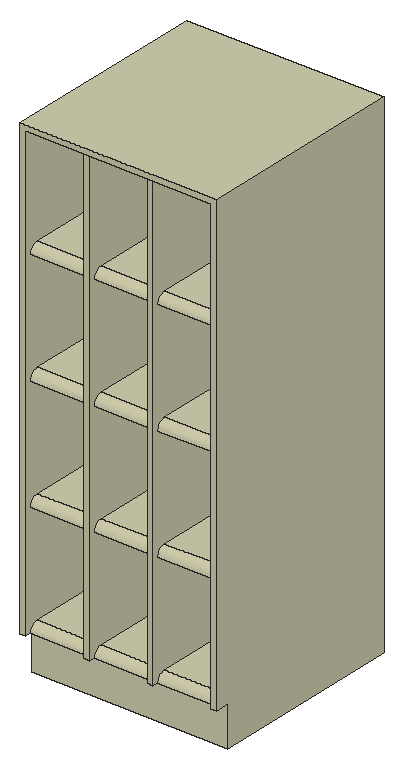
Revit family "Wenger Cabinet 26", category Furniture, Revit 2011
Parameters (values of type "Standard Cabinet #26")
  URL = "http://www.wengercorp.com/Home/Contact.html"
  Toekick Material [instance] = none
  RH End Panel [instance] = no
  Model = "26"
  Manufacturer = "Wenger Corporation"
  LH End Panel [instance] = no
  End Panel Material [instance] = none
  Edge Banding Material [instance] = none
  Door Material [instance] = none
  Description = "Standard Cabinet #26"
  Cabinet Width = 2' - 3 1/2"
  Cabinet Label = Labels : Standard
  Cabinet Height = 5' - 9 3/4"
  Cabinet Depth = 2' - 5 1/4"
  Cabinet Back Thickness = 0' - 0 3/4"
  Assembly Code = ""
Types (4): name | Model | Description | Cabinet Width | Cabinet Label | Cabinet Depth | Cabinet Back Thickness
  Standard Cabinet #26 | "26" | "Standard Cabinet #26" | 2' - 3 1/2" | Labels : Standard | 2' - 5 1/4" | 0' - 0 3/4"
  Acoustic Cabinet #26 | "26A" | "Acoustic Cabinet #26" | 2' - 3 1/2" | Labels : Acoustic | 2' - 7 3/4" | 0' - 3 1/4"
  Narrow Acoustic Cabinet #26 | "26NA" | "Narrow Acoustic Cabinet #26" | 1' - 9 1/2" | Labels : Narrow Acoustic | 2' - 7 3/4" | 0' - 3 1/4"
  Narrow Cabinet #26 | "26N" | "Narrow Cabinet #26" | 1' - 9 1/2" | Labels : Narrow | 2' - 5 1/4" | 0' - 0 3/4"
Reference planes (in)
  plane 1 "Front": y = 0
  plane 2: z = 0
  plane 3 "Left": x = 0
  plane 4 "Right": x = 27.5
  plane 5 "Back": y = 29.25
  plane 6 "Top": z = 69.75
  plane 7: z = 5.625
  plane 8: z = 21.46875
  plane 9: z = 37.3125
  plane 10: z = 53.15625
  plane 11: x = 0.75
  plane 12: x = 26.75
  plane 13: z = 69
  plane 14: x = 8.91667
  plane 15: x = 9.66667
  plane 16: x = 17.83333
  plane 17: x = 18.58333
  plane 18: y = 28.5
  plane 19: y = 2
  plane 20: y = 0.75
  plane 21: z = 22.59375
  plane 22: z = 38.4375
  plane 23: z = 54.28125
  plane 24: z = 6.75
Forms (in)
  Extrusion 1, solid, material "Wenger - Oyster"
    sketch origin (0, 0, 0) x (0, 1, 0) y (0, 0, 1)
      loop
        line (0, 69.75) -> (0, 5.625) -> (2, 5.625) -> (2, 0) -> (29.25, 0) -> (29.25, 69.75) -> (0, 69.75)
    from 0 to 27.5
  Extrusion 2, void
    sketch origin (0, 0, 0) x (0, 1, 0) y (0, 0, 1)
      loop
        line (-5.5, 69) -> (-5.5, 5.625) -> (0.75, 5.625)
        arc (0.75, 5.625) -> (1.18296, 6.40088) -> (2, 6.75) r 1.375
        line (2, 6.75) -> (28.5, 6.75) -> (28.5, 21.46875) -> (0.75, 21.46875)
        arc (0.75, 21.46875) -> (1.18296, 22.24463) -> (2, 22.59375) r 1.375
        line (2, 22.59375) -> (28.5, 22.59375) -> (28.5, 37.3125) -> (0.75, 37.3125)
        arc (0.75, 37.3125) -> (1.18296, 38.08838) -> (2, 38.4375) r 1.375
        line (2, 38.4375) -> (28.5, 38.4375) -> (28.5, 53.15625) -> (0.75, 53.15625)
        arc (0.75, 53.15625) -> (1.18296, 53.93213) -> (2, 54.28125) r 1.375
        line (2, 54.28125) -> (28.5, 54.28125) -> (28.5, 69) -> (-5.5, 69)
    from 0.75 to 8.91667
  Extrusion 3, void
    sketch origin (0, 0, 0) x (0, 1, 0) y (0, 0, 1)
      loop
        line (-5.5, 69) -> (-5.5, 5.625) -> (0.75, 5.625)
        arc (0.75, 5.625) -> (1.18296, 6.40088) -> (2, 6.75) r 1.375
        line (2, 6.75) -> (28.5, 6.75) -> (28.5, 21.46875) -> (0.75, 21.46875)
        arc (0.75, 21.46875) -> (1.18296, 22.24463) -> (2, 22.59375) r 1.375
        line (2, 22.59375) -> (28.5, 22.59375) -> (28.5, 37.3125) -> (0.75, 37.3125)
        arc (0.75, 37.3125) -> (1.18296, 38.08838) -> (2, 38.4375) r 1.375
        line (2, 38.4375) -> (28.5, 38.4375) -> (28.5, 53.15625) -> (0.75, 53.15625)
        arc (0.75, 53.15625) -> (1.18296, 53.93213) -> (2, 54.28125) r 1.375
        line (2, 54.28125) -> (28.5, 54.28125) -> (28.5, 69) -> (-5.5, 69)
    from 9.66667 to 17.83333
  Extrusion 4, void
    sketch origin (0, 0, 0) x (0, 1, 0) y (0, 0, 1)
      loop
        line (-5.5, 69) -> (-5.5, 5.625) -> (0.75, 5.625)
        arc (0.75, 5.625) -> (1.18296, 6.40088) -> (2, 6.75) r 1.375
        line (2, 6.75) -> (28.5, 6.75) -> (28.5, 21.46875) -> (0.75, 21.46875)
        arc (0.75, 21.46875) -> (1.18296, 22.24463) -> (2, 22.59375) r 1.375
        line (2, 22.59375) -> (28.5, 22.59375) -> (28.5, 37.3125) -> (0.75, 37.3125)
        arc (0.75, 37.3125) -> (1.18296, 38.08838) -> (2, 38.4375) r 1.375
        line (2, 38.4375) -> (28.5, 38.4375) -> (28.5, 53.15625) -> (0.75, 53.15625)
        arc (0.75, 53.15625) -> (1.18296, 53.93213) -> (2, 54.28125) r 1.375
        line (2, 54.28125) -> (28.5, 54.28125) -> (28.5, 69) -> (-5.5, 69)
    from 18.58333 to 26.75
  Extrusion 5, void
    sketch origin (0, 0, 0) x (0, 1, 0) y (0, 0, 1)
      loop
        line (0, 69) -> (0, 5.625) -> (0.0625, 5.625) -> (0.0625, 69) -> (0, 69)
    from 0.75 to 26.75
Cuts and joins
  Extrusion 2, Extrusion 3, Extrusion 4, Extrusion 5 cuts Extrusion 1
Lines and regions (in)
  symbolic lines
    curve 1: line (0, 29.25, 0) -> (27.5, 29.25, 0)
    curve 2: line (0, 0, 0) -> (0, 29.25, 0)
    curve 3: line (27.5, 0, 0) -> (0, 0, 0)
    curve 4: line (27.5, 29.25, 0) -> (27.5, 0, 0)
Text (in)
  text "01" at (13.28235, 0, 97.09414), in view "Front"
Dimensions and locks (in)
  locked: plane 3 "Left" to plane 11 at 0.75
  locked: plane 14 to plane 15 at 0.75
  locked: plane 16 to plane 17 at 0.75
  locked: plane 12 to plane 4 "Right" at 0.75
  "Cabinet Back Thickness": plane 5 "Back" to plane 18
  locked: plane 1 "Front" to plane 20 at 0.75
  locked: plane 1 "Front" to plane 19 at 2
  locked: plane 21 to plane 8 at 1.125
  locked: plane 22 to plane 9 at 1.125
  locked: plane 23 to plane 10 at 1.125
  locked: plane 6 "Top" to plane 13 at 0.75
  equal spacing: plane 13, plane 10, plane 9, plane 8, plane 7
  locked: plane 24 to plane 7 at 1.125
  equal spacing: plane 12, plane 16, plane 14, plane 3 "Left"
  "Cabinet Width": plane 3 "Left" to plane 4 "Right"
  locked: plane 7 to level at 5.625
  "Cabinet Height": plane 6 "Top" to level
  "Cabinet Depth": plane 1 "Front" to plane 5 "Back"
  plane 11 to plane 12 = 2' - 2"
  plane 13 to plane 7 = 5' - 3 3/8"
  aligned and locked: Extrusion 1 sketch curve to plane 6 "Top"
  aligned and locked: Extrusion 1 sketch curve to plane 5 "Back"
  aligned and locked: Extrusion 1 sketch curve to plane 1 "Front"
  aligned and locked: Extrusion 1 sketch curve to plane 7
  aligned and locked: Extrusion 1 sketch curve to plane 19
  aligned and locked: Extrusion 1 sketch curve to level
  aligned and locked: Extrusion 1 to plane 4 "Right"
  aligned and locked: Extrusion 1 to plane 3 "Left"
  aligned and locked: Extrusion 2 sketch curve to plane 13
  aligned and locked: Extrusion 2 sketch curve to plane 23
  aligned and locked: Extrusion 2 sketch curve to plane 10
  aligned and locked: Extrusion 2 sketch curve to plane 22
  aligned and locked: Extrusion 2 sketch curve to plane 9
  aligned and locked: Extrusion 2 sketch curve to plane 21
  aligned and locked: Extrusion 2 sketch curve to plane 8
  aligned and locked: Extrusion 2 sketch curve to plane 24
  aligned and locked: Extrusion 2 to plane 11
  aligned and locked: plane 14 to Extrusion 2
  aligned and locked: plane 16 to Extrusion 3
  aligned and locked: Extrusion 3 to plane 15
  aligned and locked: Extrusion 4 to plane 12
  aligned and locked: Extrusion 4 to plane 17
  aligned and locked: Extrusion 5 sketch curve to cut or joined group of Extrusion 1, Extrusion 2, Extrusion 3, Extrusion 4, Extrusion 5  (x3)
  aligned and locked: Extrusion 5 to plane 12
  aligned and locked: Extrusion 5 to plane 11
  aligned and locked: plane 3 "Left" to curve 2
  aligned and locked: curve 1 to plane 5 "Back"
  aligned and locked: plane 4 "Right" to curve 4
  aligned and locked: curve 3 to plane 1 "Front"
Automatic sketch dimensions
  Extrusion 2 sketch curve to plane 7 = 0' - 0"
  Extrusion 2 sketch curve to plane 20 = 0' - 0"  (x4)
  Extrusion 2 sketch curve to plane 19 = 0' - 0"  (x4)
  Extrusion 2 sketch curve to plane 18 = 0' - 0"  (x4)
  plane 1 "Front" to Extrusion 2 sketch curve = 0' - 5 1/2"
  Extrusion 2 sketch curve to plane 19 = 0' - 0.10279"  (x4)
  Extrusion 3 sketch curve to plane 13 = 0' - 0"
  Extrusion 3 sketch curve to plane 7 = 0' - 0"
  Extrusion 3 sketch curve to plane 20 = 0' - 0"  (x4)
  Extrusion 3 sketch curve to plane 8 = 0' - 0"
  Extrusion 3 sketch curve to plane 10 = 0' - 0"
  Extrusion 3 sketch curve to plane 9 = 0' - 0"
  Extrusion 3 sketch curve to plane 19 = 0' - 0"  (x4)
  Extrusion 3 sketch curve to plane 18 = 0' - 0"  (x4)
  Extrusion 3 sketch curve to plane 24 = 0' - 0"
  Extrusion 3 sketch curve to plane 21 = 0' - 0"
  Extrusion 3 sketch curve to plane 22 = 0' - 0"
  Extrusion 3 sketch curve to plane 23 = 0' - 0"
  plane 1 "Front" to Extrusion 3 sketch curve = 0' - 5 1/2"
  Extrusion 3 sketch curve to plane 19 = 0' - 0.10279"  (x4)
  Extrusion 4 sketch curve to plane 13 = 0' - 0"
  Extrusion 4 sketch curve to plane 7 = 0' - 0"
  Extrusion 4 sketch curve to plane 20 = 0' - 0"  (x4)
  Extrusion 4 sketch curve to plane 8 = 0' - 0"
  Extrusion 4 sketch curve to plane 10 = 0' - 0"
  Extrusion 4 sketch curve to plane 9 = 0' - 0"
  Extrusion 4 sketch curve to plane 19 = 0' - 0"  (x4)
  Extrusion 4 sketch curve to plane 18 = 0' - 0"  (x4)
  Extrusion 4 sketch curve to plane 24 = 0' - 0"
  Extrusion 4 sketch curve to plane 21 = 0' - 0"
  Extrusion 4 sketch curve to plane 22 = 0' - 0"
  Extrusion 4 sketch curve to plane 23 = 0' - 0"
  plane 1 "Front" to Extrusion 4 sketch curve = 0' - 5 1/2"
  Extrusion 4 sketch curve to plane 19 = 0' - 0.10279"  (x4)
  plane 20 to Extrusion 5 sketch curve = 0' - 0 11/16"
Nested families (in)
  nested 1: "LH End Panel" at (0, 14.25, 0) x (0, -1, 0) z (0, 0, 1), End Panel Material <- "End Panel Material", visible <- "LH End Panel", Edge Banding Material <- "Edge Banding Material", type "20x84 LH"
    with End Panel Material none, Edge Banding Material none, End Panel Height 5' - 9 3/4", End Panel Depth 2' - 5 1/4"
  nested 2: "RH End Panel" at (28.25, 14.25, 0) x (0, -1, 0) z (0, 0, 1), End Panel Material <- "End Panel Material", visible <- "RH End Panel", Edge Banding Material <- "Edge Banding Material", type "20x84 RH"
    with End Panel Material none, Edge Banding Material none, End Panel Height 5' - 9 3/4", End Panel Depth 2' - 5 1/4"
  nested 3: "Labels" at (10.94513, 15.96288, 0), type <- "Cabinet Label", type "Standard"
  nested 4: "Front Note" at (10.75, 0.75, 0), type "Front Note", detail levels medium+fine
Definition of nested family "LH End Panel"
  Parameters (values of type "20x84 LH")
    End Panel Material [instance] = none
    End Panel Height = 7' - 1 5/8"
    End Panel Depth = 1' - 7 1/4"
    Edge Banding Material [instance] = none
    Default Elevation = 4' - 0"
    Assembly Code = ""
  Reference planes (in)
    plane 1 "Center (Front/Back)": y = 0
    plane 2: z = 0
    plane 3 "Center (Left/Right)": x = 0
    plane 4: x = -15
    plane 5: x = 4.25
    plane 6: z = 5.625
    plane 7: x = 2.25
    plane 8: z = 85.625
    plane 9: y = -0.75
  Forms (in)
    Extrusion 1, solid, material <- "End Panel Material"
      sketch origin (0, 0, 0) x (1, 0, 0) y (0, 0, 1)
        loop
          line (-15, 85.625) -> (-15, 0) -> (2.25, 0) -> (2.25, 5.625) -> (4.25, 5.625) -> (4.25, 85.625) -> (-15, 85.625)
      from 0 to 0.75
  Dimensions and locks (in)
    locked: plane 7 to plane 5 at 2
    locked: plane 6 to level at 5.625
    "End Panel Height": plane 8 to level
    "End Panel Depth": plane 5 to plane 4
    locked: plane 9 to plane 1 "Center (Front/Back)" at 0.75
    aligned and locked: plane 4 to Extrusion 1 sketch curve
    aligned and locked: level to Extrusion 1 sketch curve
    aligned and locked: plane 7 to Extrusion 1 sketch curve
    aligned and locked: plane 6 to Extrusion 1 sketch curve
    aligned and locked: Extrusion 1 sketch curve to plane 5
    aligned and locked: Extrusion 1 sketch curve to plane 8
    aligned and locked: Extrusion 1 to plane 9
    aligned and locked: Extrusion 1 to plane 1 "Center (Front/Back)"
Definition of nested family "RH End Panel"
  Parameters (values of type "20x84 RH")
    End Panel Material [instance] = none
    End Panel Height = 7' - 1 5/8"
    End Panel Depth = 1' - 7 1/4"
    Edge Banding Material [instance] = none
    Default Elevation = 4' - 0"
    Assembly Code = ""
  Reference planes (in)
    plane 1 "Center (Front/Back)": y = 0
    plane 2: z = 0
    plane 3 "Center (Left/Right)": x = 0
    plane 4: x = -15
    plane 5: x = 4.25
    plane 6: z = 5.625
    plane 7: x = 2.25
    plane 8: z = 85.625
    plane 9: y = -0.75
  Forms (in)
    Extrusion 1, solid, material <- "End Panel Material"
      sketch origin (0, 0, 0) x (1, 0, 0) y (0, 0, 1)
        loop
          line (-15, 85.625) -> (-15, 0) -> (2.25, 0) -> (2.25, 5.625) -> (4.25, 5.625) -> (4.25, 85.625) -> (-15, 85.625)
      from 0 to 0.75
  Dimensions and locks (in)
    locked: plane 7 to plane 5 at 2
    locked: plane 6 to level at 5.625
    "End Panel Height": plane 8 to level
    "End Panel Depth": plane 5 to plane 4
    locked: plane 9 to plane 1 "Center (Front/Back)" at 0.75
    aligned and locked: plane 4 to Extrusion 1 sketch curve
    aligned and locked: level to Extrusion 1 sketch curve
    aligned and locked: plane 7 to Extrusion 1 sketch curve
    aligned and locked: plane 6 to Extrusion 1 sketch curve
    aligned and locked: Extrusion 1 sketch curve to plane 5
    aligned and locked: Extrusion 1 sketch curve to plane 8
    aligned and locked: Extrusion 1 to plane 9
    aligned and locked: Extrusion 1 to plane 1 "Center (Front/Back)"
Definition of nested family "Labels"
  Parameters (values of type "Standard")
    Cabinet Label = "01"
  Types (4): name | Cabinet Label
    Standard | "01"
    Narrow | "01N"
    Narrow Acoustic | "01NA"
    Acoustic | "01A"
  Reference planes (in)
    plane 1: y = 0
    plane 2: x = 0
  Text (in)
    label "xxxx" at (-0.00018, 0.00754, 0), shows "Cabinet Label"
Definition of nested family "Front Note"
  Parameters (values of type "Front Note")
    Cabinet Label = "Front"
  Reference planes (in)
    plane 1: y = 0
    plane 2: x = 0
  Text (in)
    label "Front" at (-0.00018, 0.00754, 0), shows "Cabinet Label"
